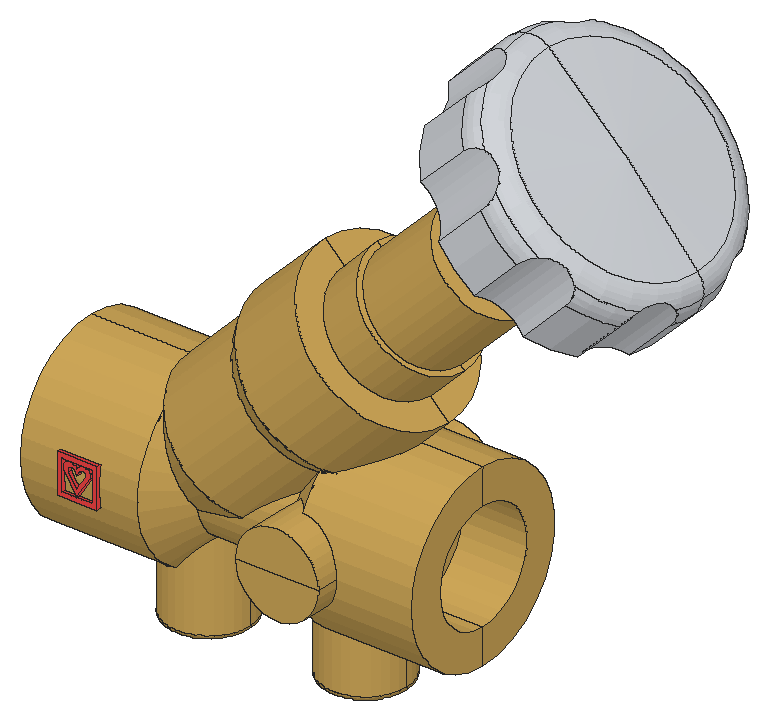
Revit family "Absperrventil 4125 AD", category Rohrzubehör, Revit 2021
Family settings
  Bemaßung runder Anschluss = Durchmesser verwenden
  Teiletyp = Unterbricht
  OmniClass-Nummer = 23.65.55.14
  OmniClass-Titel = Valves for Liquid Services
  Arbeitsebenenbasiert = Nein
  Immer vertikal = Ja
  Beim Laden mit Abzugskörper schneiden = Nein
  Gemeinsam genutzt = Nein
Parameters
  W01 = 45.00°  # constant formula
  Vorgabe-Ansicht = 0.000 mm
  URL = "www.herz-armaturen.at"
  Spindel = "Messing CW617N\r"  # constant formula
  SW01 = 60.00°  # constant formula
  SC_NennweiteBerechnet [instance] = 0
  SC_Dimension [instance] = ""
  SCRNSEQ = "ARM;ARM_TYP=\"ABSV\";2"
  SCRNCODE = "05;07;02"  # constant formula
  S03 = 60.000 mm  # constant formula
  S02 [instance] = L06 + L09 + L12 + L15  # 113.800 mm
  S01 [instance] = R01 * 2  # 41.000 mm
  R12 [instance] = R01 - 1.000 mm  # 19.500 mm
  R11 [instance] = size_lookup("4125AD_", "R11", 1.000 mm, Nennweite)  # 6.000 mm
  R100 = 1.000 mm  # constant formula
  R10 [instance] = size_lookup("4125AD_", "R10", 1.000 mm, Nennweite)  # 9.000 mm
  R09 [instance] = size_lookup("4125AD_", "R9", 1.000 mm, Nennweite)  # 12.750 mm
  R08 [instance] = size_lookup("4125AD_", "R8", 1.000 mm, Nennweite)  # 14.000 mm
  R07 [instance] = size_lookup("4125AD_", "R7", 1.000 mm, Nennweite)  # 20.000 mm
  R06 [instance] = size_lookup("4125AD_", "R6", 1.000 mm, Nennweite)  # 17.750 mm
  R05 [instance] = Nennweite / 2  # 12.500 mm
  R04 [instance] = size_lookup("4125AD_", "R4", 1.000 mm, Nennweite)  # 9.500 mm
  R03 = 9.500 mm  # constant formula
  R02 [instance] = Nennweite / 2  # 12.500 mm
  R01 [instance] = size_lookup("4125AD_", "R1", 1.000 mm, Nennweite)  # 20.500 mm
  Oberteil = "entzinkungsbeständiges Messing CW602N"  # constant formula
  Nennweite [instance] = 25.000 mm
  Medium = "Heizungswasser nach ÖNORM H5195 oder VDI- Richtlinie 2035.\r\nDie Verwendung von Ethylen- oder Propyleneglykol in einem Mischungsverhältnis 25- 50% ist zulässig.\r\nEPDM-Dichtungen können durch Mineralöle und Schmiermittel beeinflusst werden, was zum Versagen der EPDM-Dichtungen führen kann."
  Max.Differenzdruck bei geschlossenen Sitz = 1000000.0 Pa  # constant formula
  Max.Betriebstemperatur = 110 °C  # constant formula
  Max.Betriebsdruck = 2000000.0 Pa  # constant formula
  L16 [instance] = L01 / 2  # 13.500 mm
  L15 [instance] = size_lookup("4125AD_", "L15", 1.000 mm, Nennweite)  # 12.400 mm
  L14 [instance] = size_lookup("4125AD_", "L14", 1.000 mm, Nennweite)  # 12.000 mm
  L12 [instance] = size_lookup("4125AD_", "L12", 1.000 mm, Nennweite)  # 43.400 mm
  L11 [instance] = size_lookup("4125AD_", "L11", 1.000 mm, Nennweite)  # 22.400 mm
  L10 [instance] = size_lookup("4125AD_", "L10", 1.000 mm, Nennweite)  # 11.000 mm
  L09 [instance] = size_lookup("4125AD_", "L9", 1.000 mm, Nennweite)  # 19.500 mm
  L08 [instance] = size_lookup("4125AD_", "L8", 1.000 mm, Nennweite)  # 34.000 mm
  L07 [instance] = size_lookup("4125AD_", "L7", 1.000 mm, Nennweite)  # 18.000 mm
  L06 [instance] = size_lookup("4125AD_", "L6", 1.000 mm, Nennweite) - L09  # 38.500 mm
  L05 [instance] = size_lookup("4125AD_", "L5", 1.000 mm, Nennweite)  # 25.500 mm
  L04 [instance] = size_lookup("4125AD_", "L4", 1.000 mm, Nennweite)  # 25.500 mm
  L03 = 15.000 mm  # constant formula
  L02 [instance] = size_lookup("4125AD_", "L2", 1.000 mm, Nennweite)  # 11.000 mm
  L01 [instance] = size_lookup("4125AD_", "L1", 1.000 mm, Nennweite)  # 27.000 mm
  L00 [instance] = size_lookup("4125AD_", "L", 1.000 mm, Nennweite)  # 90.000 mm
  Kegel = "entzinkungsbeständiges Messing CW602N"  # constant formula
  Hersteller = "HERZ Armaturen Ges.m.b.H."  # constant formula
  Handrad = "Polyamide"  # constant formula
  H01 [instance] = size_lookup("4125AD_", "H1", 1.000 mm, Nennweite)  # 32.000 mm
  Gehäuse = "entzinkungsbeständiges Gussmessing CC752S"  # constant formula
  Dichtungen = "EPDM"  # constant formula
  DN80 [instance] = Nennweite = 80.000 mm  # no
  DN65 [instance] = Nennweite = 65.000 mm  # no
  DN50 [instance] = Nennweite = 50.000 mm  # no
  DN40 [instance] = Nennweite = 40.000 mm  # no
  DN32 [instance] = Nennweite = 32.000 mm  # no
  DN25-DN80 [instance] = or(Nennweite = 25.000 mm, Nennweite = 32.000 mm, Nennweite = 40.000 mm, Nennweite = 50.000 mm, Nennweite = 65.000 mm, Nennweite = 80.000 mm)  # yes
  DN25 [instance] = Nennweite = 25.000 mm  # yes
  DN20 [instance] = Nennweite = 20.000 mm  # no
  DN15 [instance] = Nennweite = 15.000 mm  # no
  DN [instance] = 0.000 mm
  Bestellnummer [instance] = size_lookup("4125AD_", "Artnr", 0, Nennweite)  # 1412573
  Ausführung = "STRÖMAX-D-Absperrventile in Schrägsitzform, gelbe Ausführung, Muffe x Muffe,\r\nmit langen Gewindemuffen, mit  2 Anbohrungen für Entleerungsarmaturen,\r\n1 Verschlussschraube 1 0273 0x ist aufgeschraubt, nichtsteigender Spindel,\r\nSpindelabdichtung durch elastischen Doppel-O-Ring.\r\nEntleerungsventile sind separat zu bestellen."
  Anwendungsgebiet = "Zuverlässiges Absperren von Leitungen in Heiz- und Kühlanalgen."
Reference planes
  plane 1 "Mitte (Vorne/hinten)": y = 0
  plane 2: z = 0
  plane 3 "Mitte (Links/rechts)": x = 0
Forms (mm)
  Revolve 1, solid, material "Messing, weicher Gelbton, geschweißt", detail levels fine
    sketch origin (470, 0, 0) x (1, 0, 0) y (0, 0, 1)
      loop
        line (-515, 12.5) -> (-500, 12.5) -> (-500, 0) -> (-440, 0) -> (-440, 12.5) -> (-425, 12.5) -> (-425, 20.5) -> (-452, 20.5) -> (-459, 12.5) -> (-481, 12.5) -> (-488, 20.5) -> (-515, 20.5) -> (-515, 12.5)
      axis (-515, 0) -> (-425, 0)
    angle from 0 to 360
  Revolve 2, solid, material "Messing, weicher Gelbton, geschweißt", detail levels fine
    sketch origin (470, 0, 0) x (1, 0, 0) y (0, 0, 1)
      loop
        line (-497.5, 0) -> (-497.5, -31)
        arc (-497.5, -31) -> (-497.207, -31.707) -> (-496.5, -32) r 1
        line (-496.5, -32) -> (-488, -32) -> (-488, 0) -> (-497.5, 0)
      axis (-488, 0) -> (-488, -32)
    angle from 0 to 360
  Revolve 3, solid, material "Messing, weicher Gelbton, geschweißt", detail levels fine
    sketch origin (0, 0, 0) x (1, 0, 0) y (0, 1, 0)
      loop
        line (18, -25.5) -> (27.5, -25.5) -> (27.5, 25.5) -> (18, 25.5) -> (18, -25.5)
      axis (18, -25.5) -> (18, 25.5)
    angle from 0 to 360
  Revolve 4, solid, material "Messing, weicher Gelbton, geschweißt", visible <- "DN25-DN80", detail levels fine
    sketch origin (-470, 0, 0) x (-1, 0, 0) y (0, 0, 1)
      loop
        line (-497.5, 0) -> (-497.5, -31)
        arc (-497.5, -31) -> (-497.207, -31.707) -> (-496.5, -32) r 1
        line (-496.5, -32) -> (-488, -32) -> (-488, 0) -> (-497.5, 0)
      axis (-488, 0) -> (-488, -32)
    angle from 0 to 360
  Revolve 5, solid, material "Messing, weicher Gelbton, geschweißt", detail levels fine
    sketch origin (0.32, 0, -0.105) x (1, 0, 0) y (0, 0, 1)
      loop
        line (-18.32, 0) -> (62.149, 80.469) -> (57.906, 84.711) -> (49.138, 75.943) -> (47.017, 78.065) -> (39.946, 70.994) -> (37.294, 73.645) -> (21.455, 57.806) -> (20.571, 58.69) -> (12.793, 50.912) -> (8.55, 55.154) -> (-5.239, 41.366) -> (-6.83, 36.593) -> (-22.386, 21.036) -> (-27.159, 8.839) -> (-18.32, 0)
      axis (-18.32, 0) -> (62.149, 80.469)
    angle from 0 to 360
Lines and regions (mm)
  model lines, detail levels coarse+medium
    curve 1: line (-45, 0, 20.5) -> (-45, 0, -20.5)
    curve 2: line (-45, 0, -20.5) -> (45, 0, 20.5)
    curve 3: line (45, 0, 20.5) -> (45, 0, -20.5)
    curve 4: line (45, 0, -20.5) -> (-45, 0, 20.5)
    curve 5: line (0, 0, 0) -> (56.9, 0, 98.554)
    curve 6: line (30.919, 0, 113.554) -> (82.881, 0, 83.554)
    curve 7: line (-45, -20.5, 0) -> (-45, 20.5, 0)
    curve 8: line (-45, 20.5, 0) -> (45, -20.5, 0)
    curve 9: line (45, -20.5, 0) -> (45, 20.5, 0)
    curve 10: line (45, 20.5, 0) -> (-45, -20.5, 0)
    curve 11: line (0, 0, 0) -> (56.9, 98.554, 0)
    curve 12: line (30.919, 113.554, 0) -> (82.881, 83.554, 0)
Dimensions and locks
  "H01": plane 2 to Revolve 2 sketch curve
  "L00": Revolve 1 sketch curve to Revolve 1 sketch curve
  equal spacing: Revolve 1 sketch curve, plane 3 "Mitte (Links/rechts)", Revolve 1 sketch curve
  "R01": Revolve 1 sketch curve to Revolve 1 sketch curve  (x2)
  "R02": Revolve 1 sketch curve to Revolve 1 sketch curve  (x3)
  "L01": Revolve 1 sketch curve to Revolve 1 sketch curve  (x2)
  "L02": plane 3 "Mitte (Links/rechts)" to Revolve 1 sketch curve
  "L02": Revolve 1 sketch curve to plane 3 "Mitte (Links/rechts)"
  "L03": Revolve 1 sketch curve to Revolve 1 sketch curve  (x2)
  "L01": Revolve 1 to Revolve 2 sketch curve
  "R03": Revolve 2 sketch curve to Revolve 2 sketch curve
  "L01": Revolve 4 sketch curve to Revolve 1
  "R03": Revolve 4 sketch curve to Revolve 4 sketch curve
  "H01": plane 2 to Revolve 4 sketch curve
  "L04": Revolve 3 sketch curve to plane 1 "Mitte (Vorne/hinten)"
  "L05": plane 1 "Mitte (Vorne/hinten)" to Revolve 3 sketch curve
  "R04": Revolve 3 sketch curve to Revolve 3 sketch curve
  "L01": Revolve 3 sketch curve to Revolve 1
  "R07": Revolve 5 sketch curve to Revolve 5 sketch curve
  "L07": plane 3 "Mitte (Links/rechts)" to Revolve 5 sketch curve
  "R05": Revolve 5 sketch curve to Revolve 5 sketch curve
  "L06": Revolve 5 sketch curve to Revolve 5 sketch curve
  "L08": Revolve 5 sketch curve to Revolve 5 sketch curve
  "R06": Revolve 5 sketch curve to Revolve 5 sketch curve
  "L14": Revolve 5 sketch curve to Revolve 5 sketch curve
  "L09": Revolve 5 sketch curve to Revolve 5 sketch curve
  "R08": Revolve 5 sketch curve to Revolve 5 sketch curve
  "L10": Revolve 5 sketch curve to Revolve 5 sketch curve
  "R09": Revolve 5 sketch curve to Revolve 5 sketch curve
  "R10": Revolve 5 sketch curve to Revolve 5 sketch curve
  "L12": Revolve 5 sketch curve to Revolve 5 sketch curve
  "R11": Revolve 5 sketch curve to Revolve 5 sketch curve
  "L15": Revolve 5 sketch curve to Revolve 5 sketch curve
  "L11": Revolve 5 sketch curve to Revolve 5 sketch curve
  "R12": nested 9 to plane 1 "Mitte (Vorne/hinten)"
  "L16": Revolve 1 to nested 9
  equal spacing: curve 1, plane 3 "Mitte (Links/rechts)", curve 3
  "L00": curve 1 to curve 3
  equal spacing: curve 4, plane 2, curve 2
  "S01": curve 4 to curve 1
  "S01": curve 3 to curve 4
  equal spacing: curve 3, plane 2, curve 4
  "S02": curve 5 to curve 5
  equal spacing: curve 6, curve 5, curve 6
  "S03": curve 6 to curve 6
  equal spacing: curve 7, plane 3 "Mitte (Links/rechts)", curve 9
  "L00": curve 7 to curve 9
  equal spacing: curve 10, plane 1 "Mitte (Vorne/hinten)", curve 8
  "S01": curve 8 to curve 10
  equal spacing: curve 9, plane 1 "Mitte (Vorne/hinten)", curve 10
  "S01": curve 10 to curve 9
  "S02": curve 11 to curve 11
  equal spacing: curve 12, curve 11, curve 12
  "S03": curve 12 to curve 12
  "R100": radius of Revolve 2 sketch curve
  "R100": radius of Revolve 4 sketch curve
  "W01": angle plane 2 to Revolve 5 sketch curve
  "W01": angle level to Revolve 5 sketch curve
  "SW01": angle plane 2 to curve 5
  "SW01": angle plane 1 "Mitte (Vorne/hinten)" to curve 11
  aligned and locked: level to plane 2
Automatic sketch dimensions
  curve 5 to level = 0.000 mm
  plane 1 "Mitte (Vorne/hinten)" to curve 11 = 0.000 mm
  Revolve 1 sketch curve to level = 0.000 mm  (x2)
  Revolve 1 sketch curve to Revolve 1 sketch curve = 791.990 mm
  Revolve 1 sketch curve to Revolve 1 sketch curve = 2278.983 mm
  Revolve 2 sketch curve to level = 0.000 mm  (x2)
  Revolve 2 sketch curve to Revolve 2 sketch curve = 0.000 mm
  Revolve 2 sketch curve to Revolve 2 sketch curve = 0.292 mm
  Revolve 3 sketch curve to Revolve 3 sketch curve = 0.000 mm  (x3)
  Revolve 4 sketch curve to level = 0.000 mm  (x2)
  Revolve 4 sketch curve to Revolve 4 sketch curve = 0.000 mm
  Revolve 4 sketch curve to Revolve 4 sketch curve = 0.292 mm
  Revolve 5 sketch curve to level = 0.105 mm
  Revolve 5 sketch curve to Revolve 5 sketch curve = 0.000 mm  (x2)
Nested families
  nested 1: "Strömax-Handrad_Schrägsitz" at (42.584, 0, 54.979), visible <- "DN15", type "Strömax-Handrad_Schrägsitz", detail levels fine
    with Nennweite 0.000 mm, Gewicht 0.00 kg, Bestellnummer 0
  nested 2: "Strömax-Handrad_Schrägsitz" at (54.312, 0, 67.707), visible <- "DN20", type "Strömax-Handrad_Schrägsitz", detail levels fine
    with Nennweite 0.000 mm, Gewicht 0.00 kg, Bestellnummer 0
  nested 3: "Strömax-Handrad_Schrägsitz" at (62.469, 0, 80.364), visible <- "DN25", type "Strömax-Handrad_Schrägsitz", detail levels fine
    with Nennweite 0.000 mm, Gewicht 0.00 kg, Bestellnummer 0
  nested 4: "Strömax-Handrad_Schrägsitz" at (71.712, 0, 91.607), visible <- "DN32", type "Strömax-Handrad_Schrägsitz", detail levels fine
    with Nennweite 0.000 mm, Gewicht 0.00 kg, Bestellnummer 0
  nested 5: "Strömax-Handrad_Schrägsitz" at (80.399, 0, 101.294), visible <- "DN40", type "Strömax-Handrad_Schrägsitz", detail levels fine
    with Nennweite 0.000 mm, Gewicht 0.00 kg, Bestellnummer 0
  nested 6: "Strömax-Handrad_Schrägsitz" at (97.83, 0, 129.225), visible <- "DN50", type "Strömax-Handrad_Schrägsitz", detail levels fine
    with Nennweite 0.000 mm, Gewicht 0.00 kg, Bestellnummer 0
  nested 7: "Strömax-Handrad_Schrägsitz" at (114.482, 0, 149.378), visible <- "DN65", type "Strömax-Handrad_Schrägsitz", detail levels fine
    with Nennweite 0.000 mm, Gewicht 0.00 kg, Bestellnummer 0
  nested 8: "Strömax-Handrad_Schrägsitz" at (140.423, 0, 183.319), visible <- "DN80", type "Strömax-Handrad_Schrägsitz", detail levels fine
    with Nennweite 0.000 mm, Gewicht 0.00 kg, Bestellnummer 0
  nested 9: "Herz-Logo-vorne" at (-31.5, -20.232, 0) x (0, 1, 0) z (0, 0, 1), type "Herz-Logo-vorne", detail levels fine
Connectors
  piping at (-30, 0, 0), diameter 25, driven by "Nennweite"
    settings: on Revolve 1, index 1, connector inside diameter 609.6 mm, connector length 0.000 mm, flow factor 0, pipe flow 0.0 L/s, pressure drop 0.0 Pa, fitting loss kfactor 0, connector angle 0.00°, fixture units 0, engagement length 0.000 mm, angle of deflection 0.00°, flow configuration 0, flow direction 1, fitting loss method 0, system type 29, joint type 0, gender type 0, connector reference index -1, connector utility 0, adjustable connector no, is connector primary yes, connector description ""
  piping at (30, 0, 0), diameter 25, driven by "Nennweite"
    settings: on Revolve 1, index 2, connector inside diameter 609.6 mm, connector length 0.000 mm, flow factor 0, pipe flow 0.0 L/s, pressure drop 0.0 Pa, fitting loss kfactor 0, connector angle 0.00°, fixture units 0, engagement length 0.000 mm, angle of deflection 0.00°, flow configuration 0, flow direction 2, fitting loss method 0, system type 29, joint type 0, gender type 0, connector reference index -1, connector utility 0, adjustable connector no, is connector primary no, connector description ""
Definition of nested family "Strömax-Handrad_Schrägsitz"
  Parameters (values of type "Strömax-Handrad_Schrägsitz")
    Default Elevation = 0.000 mm
    URL = "www.herz-armaturen.at"
    Nennweite [instance] = 0.000 mm
    Manufacturer = "Herz Armaturen GmbH"  # constant formula
    Gewicht [instance] = 0.00 kg
    Bestellnummer [instance] = 0
  Reference planes
    plane 1 "Mitte (Vorne/hinten)": y = 0
    plane 2: z = 0
    plane 3 "Mitte (Links/rechts)": x = 0
  Forms (mm)
    Revolve 1, solid
      sketch origin (0, 0, 0) x (0.707107, 0, -0.707107) y (0.707107, 0, 0.707107)
        loop
          line (0, 0) -> (0, 22)
          arc (0, 22) -> (-12.15, 21.705) -> (-24.271, 20.819) r 250
          arc (-24.271, 20.819) -> (-26.831, 19.959) -> (-28.754, 18.063) r 6
          arc (-28.754, 18.063) -> (-29.682, 16.008) -> (-30, 13.776) r 8
          line (-30, 13.776) -> (-30, 0) -> (0, 0)
        axis (0, 22) -> (0, 0)
      angle from 0 to 360
    Extrusion 2, void
      sketch origin (0, 0, 0) x (0.707107, 0, -0.707107) y (0, 1, 0)
        loop
          circle (14.351, -34.645) r 10
      from 0 to 22
    Extrusion 3, void
      sketch origin (0, 0, 0) x (-0.707107, 0, 0.707107) y (0, -1, 0)
        loop
          circle (14.351, 34.645) r 10
      from 0 to 22
    Extrusion 4, void
      sketch origin (0, 0, 0) x (0, -1, 0) y (0.707107, 0, -0.707107)
        loop
          circle (14.351, 34.645) r 10
      from 0 to 22
    Extrusion 5, void
      sketch origin (0, 0, 0) x (0, 1, 0) y (-0.707107, 0, 0.707107)
        loop
          circle (14.351, -34.645) r 10
      from 0 to 22
    Extrusion 6, void
      sketch origin (0, 0, 0) x (0, -1, 0) y (0.707107, 0, -0.707107)
        loop
          circle (14.351, -34.645) r 10
      from 0 to 22
    Extrusion 7, void
      sketch origin (0, 0, 0) x (0, 1, 0) y (-0.707107, 0, 0.707107)
        loop
          circle (14.351, 34.645) r 10
      from 0 to 22
    Extrusion 8, void
      sketch origin (0, 0, 0) x (0.707107, 0, -0.707107) y (0, 1, 0)
        loop
          circle (14.351, 34.645) r 10
      from 0 to 22
    Extrusion 9, void
      sketch origin (0, 0, 0) x (-0.707107, 0, 0.707107) y (0, -1, 0)
        loop
          circle (14.351, -34.645) r 10
      from 0 to 22
  Cuts and joins
    Extrusion 2, Extrusion 3, Extrusion 4, Extrusion 5, Extrusion 6, Extrusion 7, Extrusion 8, Extrusion 9 cuts Revolve 1
  Dimensions and locks
    aligned and locked: level to plane 2
Definition of nested family "Herz-Logo-vorne"
  Parameters (values of type "Herz-Logo-vorne")
    Default Elevation = 0.000 mm
  Reference planes
    plane 1 "Mitte (Vorne/hinten)": y = 0
    plane 2: z = 0
    plane 3 "Mitte (Links/rechts)": x = 0
  Forms (mm)
    Extrusion 1, solid
      sketch origin (0.732, -0.018, 0.017) x (0, -1, 0) y (0, 0, 1)
        loop
          line (-0.018, -4.517) -> (4.482, -4.517) -> (4.482, 4.483) -> (-4.518, 4.483) -> (-4.518, -4.517) -> (-0.018, -4.517)
        loop
          line (-0.05, -3.48) -> (3.482, -3.48) -> (3.482, 3.483) -> (-3.518, 3.483) -> (-3.518, -3.48) -> (-0.05, -3.48)
        loop
          arc (-0.018, 2.383) -> (-1.543, 3.287) -> (-3.067, 2.383) r 1.738
          arc (-3.067, 2.383) -> (-3.191, 1.899) -> (-3.067, 1.415) r 1.009
          line (-3.067, 1.415) -> (-0.018, -3.281) -> (3.032, 1.415)
          arc (3.032, 1.415) -> (3.156, 1.899) -> (3.032, 2.383) r 1.009
          arc (3.032, 2.383) -> (1.507, 3.287) -> (-0.018, 2.383) r 1.738
        loop
          arc (1.885, 1.272) -> (2.005, 1.675) -> (1.885, 2.079) r 0.74
          arc (1.885, 2.079) -> (1.265, 2.416) -> (0.644, 2.079) r 0.74
          line (0.644, 2.079) -> (-0.018, 0.97) -> (-0.679, 2.079)
          arc (-0.679, 2.079) -> (-1.3, 2.416) -> (-1.921, 2.079) r 0.74
          arc (-1.921, 2.079) -> (-2.04, 1.675) -> (-1.921, 1.272) r 0.74
          line (-1.921, 1.272) -> (-0.018, -1.658) -> (1.885, 1.272)
      from 0 to 1.5
  Dimensions and locks
    aligned and locked: level to plane 2
